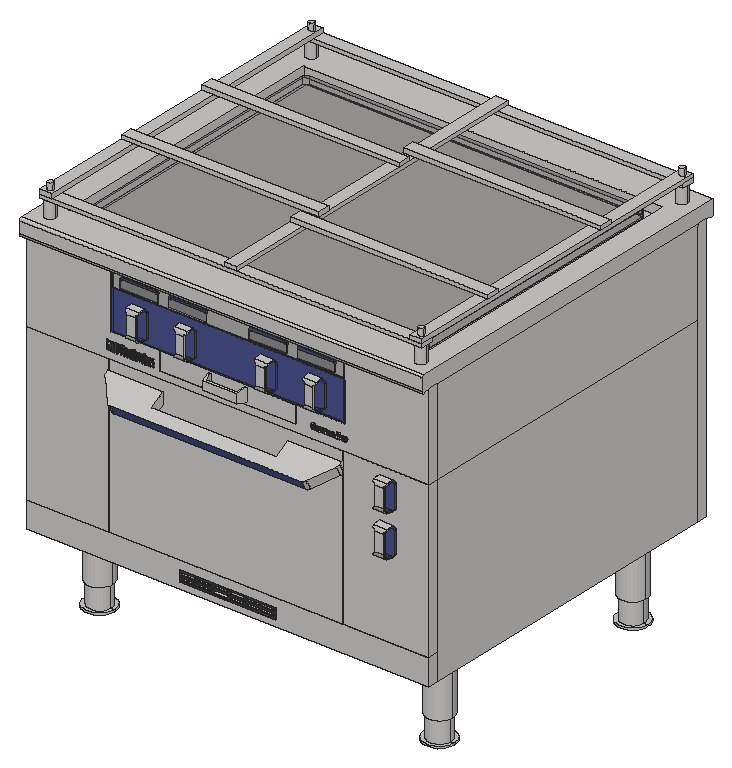
Revit family "QF_ELECTROLUXPROFESSIONAL_589894_MCTGEAJ8DM", category Attrezzature speciali, Revit 2021 (continued)
Definition of nested family "Front_Panel_W1000_Four Knobs_Marine"
  Definition of nested family "ELX_ThermaLine_Small"
    Forms (mm)
      Extrusion 2, solid
        sketch origin (0, 0, 0) x (1, 0, 0) y (0, 1, 0)
          loop
            arc (-29.33, 1.367) -> (-28.695, 0.768) -> (-28.461, -0.073) r 1.627
            line (-28.461, -0.073) -> (-28.461, -5.848) -> (-26.086, -5.848) -> (-26.064, -0.46)
            arc (-26.064, -0.46) -> (-26.261, 0.932) -> (-26.786, 2.237) r 5.825
            arc (-26.786, 2.237) -> (-29.381, 3.264) -> (-31.854, 1.971) r 3.353
            line (-31.854, 1.971) -> (-31.854, 6.539) -> (-34.242, 6.539)
          loop
            arc (-18.398, -0.598) -> (-18.893, 0.879) -> (-20.326, 1.487) r 1.897
            arc (-20.326, 1.487) -> (-21.461, 0.708) -> (-21.897, -0.598) r 2.164
            line (-21.897, -0.598) -> (-18.398, -0.598)
          loop
            arc (-16.021, -2.044) -> (-16.754, 1.227) -> (-19.444, 3.226) r 4.814
            arc (-19.444, 3.226) -> (-22.137, 2.788) -> (-23.943, 0.743) r 4.054
            arc (-23.943, 0.743) -> (-24.382, -1.249) -> (-24.162, -3.276) r 6.289
            arc (-24.162, -3.276) -> (-23.302, -4.71) -> (-21.958, -5.705) r 4.28
            arc (-21.958, -5.705) -> (-18.558, -5.814) -> (-16.152, -3.409) r 4.28
            line (-16.152, -3.409) -> (-18.5, -2.995)
            arc (-18.5, -2.995) -> (-19.273, -3.994) -> (-20.533, -4.076) r 1.536
            arc (-20.533, -4.076) -> (-21.56, -3.281) -> (-21.958, -2.044) r 2.197
            line (-21.958, -2.044) -> (-16.021, -2.044)
          loop
            line (-14.165, -5.848) -> (-11.819, -5.848) -> (-11.819, -2.138)
            arc (-11.819, -2.138) -> (-11.787, -1.156) -> (-11.637, -0.185) r 8.18
            arc (-11.637, -0.185) -> (-10.644, 0.972) -> (-9.132, 0.776) r 1.603
            line (-9.132, 0.776) -> (-8.419, 2.846)
            arc (-8.419, 2.846) -> (-10.432, 3.118) -> (-11.994, 1.821) r 2.527
            line (-11.994, 1.821) -> (-11.994, 3.094) -> (-14.165, 3.094) -> (-14.165, -5.848)
          loop
            line (-7.579, 3.094) -> (-7.579, -5.848) -> (-5.178, -5.848) -> (-5.178, -0.756)
            arc (-5.178, -0.756) -> (-4.727, 0.679) -> (-3.417, 1.419) r 2.05
            arc (-3.417, 1.419) -> (-2.499, 0.908) -> (-2.155, -0.085) r 1.471
            line (-2.155, -0.085) -> (-2.155, -5.848) -> (0.23, -5.848) -> (0.23, -1.001)
            arc (0.23, -1.001) -> (0.47, 0.127) -> (1.148, 1.061) r 2.775
            arc (1.148, 1.061) -> (2.225, 1.329) -> (3.05, 0.587) r 1.182
            arc (3.05, 0.587) -> (3.199, -0.019) -> (3.214, -0.642) r 2.894
            line (3.214, -0.642) -> (3.214, -5.848) -> (5.601, -5.848) -> (5.601, 0.261)
            arc (5.601, 0.261) -> (4.87, 2.263) -> (2.976, 3.241) r 2.932
            arc (2.976, 3.241) -> (1.284, 2.973) -> (-0.047, 1.896) r 3.309
            arc (-0.047, 1.896) -> (-1.116, 2.865) -> (-2.506, 3.258) r 3.16
            arc (-2.506, 3.258) -> (-4.105, 2.942) -> (-5.376, 1.92) r 3.419
            line (-5.376, 1.92) -> (-5.376, 3.094) -> (-7.579, 3.094)
          loop
            line (7.583, 0.738) -> (9.702, 0.364)
            arc (9.702, 0.364) -> (11.441, 1.492) -> (12.855, -0.023) r 1.613
            line (12.855, -0.023) -> (9.782, -0.789)
            arc (9.782, -0.789) -> (8.559, -1.346) -> (7.617, -2.305) r 3.687
            arc (7.617, -2.305) -> (7.499, -3.681) -> (7.901, -5.003) r 3.651
            arc (7.901, -5.003) -> (9.107, -5.766) -> (10.515, -6.006) r 3.635
            arc (10.515, -6.006) -> (11.898, -5.697) -> (13.067, -4.895) r 3.734
            line (13.067, -4.895) -> (13.376, -5.848) -> (15.75, -5.848) -> (15.212, -4.193) -> (15.212, 0.38)
            arc (15.212, 0.38) -> (14.897, 1.849) -> (13.818, 2.895) r 2.585
            arc (13.818, 2.895) -> (11.792, 3.442) -> (9.719, 3.11) r 5.005
            arc (9.719, 3.11) -> (8.369, 2.178) -> (7.583, 0.738) r 3.54
          loop
            line (19.723, -5.848) -> (22.233, -5.848) -> (24.854, 6.484) -> (22.345, 6.484) -> (19.723, -5.848)
          loop
            line (24.583, -5.848) -> (26.953, -5.848) -> (28.848, 3.066) -> (26.478, 3.066) -> (24.583, -5.848)
          loop
            line (27.204, 6.484) -> (26.741, 4.305) -> (29.111, 4.305) -> (29.575, 6.484) -> (27.204, 6.484)
          loop
            line (29.355, -5.848) -> (31.849, -5.848) -> (33.098, 0.028)
            arc (33.098, 0.028) -> (34.169, 1.306) -> (35.832, 1.422) r 2.132
            arc (35.832, 1.422) -> (36.324, 0.752) -> (36.383, -0.078) r 1.5
            line (36.383, -0.078) -> (35.157, -5.848) -> (37.536, -5.848) -> (38.936, 0.738)
            arc (38.936, 0.738) -> (38.775, 2.091) -> (37.825, 3.066) r 2.118
            arc (37.825, 3.066) -> (35.392, 3.175) -> (33.295, 1.937) r 4.271
            line (33.295, 1.937) -> (33.535, 3.066) -> (31.25, 3.066) -> (29.355, -5.848)
          loop
            line (42.792, -0.64) -> (46.589, -0.64)
            arc (46.589, -0.64) -> (46.639, 0.124) -> (46.327, 0.823) r 1.589
            arc (46.327, 0.823) -> (45.117, 1.521) -> (43.762, 1.183) r 1.865
            arc (43.762, 1.183) -> (43.141, 0.344) -> (42.792, -0.64) r 3.538
          loop
            line (42.565, -2.138) -> (48.593, -2.138)
            arc (48.593, -2.138) -> (48.58, 0.597) -> (46.983, 2.818) r 4.494
            arc (46.983, 2.818) -> (44.191, 3.28) -> (41.725, 1.891) r 4.26
            arc (41.725, 1.891) -> (40.503, -0.3) -> (40.284, -2.799) r 6.003
            arc (40.284, -2.799) -> (40.959, -4.468) -> (42.377, -5.576) r 3.482
            arc (42.377, -5.576) -> (44.265, -5.961) -> (46.152, -5.576) r 4.823
            arc (46.152, -5.576) -> (47.432, -4.731) -> (48.328, -3.485) r 4.245
            line (48.328, -3.485) -> (46.168, -3.105)
            arc (46.168, -3.105) -> (45.214, -4.072) -> (43.859, -4.181) r 1.953
            arc (43.859, -4.181) -> (42.821, -3.408) -> (42.565, -2.138) r 1.81
          loop
            line (12.868, -1.553) -> (10.216, -2.214)
            arc (10.216, -2.214) -> (9.747, -3.136) -> (10.216, -4.058) r 1.14
            arc (10.216, -4.058) -> (11.537, -4.249) -> (12.614, -3.46) r 1.763
            arc (12.614, -3.46) -> (12.858, -2.522) -> (12.868, -1.553) r 3.97
        from 0 to 1.6
    Dimensions and locks
      aligned and locked: plane 2 to Extrusion 1
      aligned and locked: level to Extrusion 1
  Definition of nested family "ELX_Professional_Logo_Small"
    Parameters
      Show Logo [instance] = yes
      Material_Logo [instance] = none
      Default Elevation = 0 mm
    Reference planes
      plane 1 "Centro (Fronte/Retro)": y = 0
      plane 2: z = 0
      plane 3 "Centro (Sinistra/Destra)": x = 0
    Forms (mm)
      Extrusion 1, solid
        sketch origin (0, 0, 0) x (1, 0, 0) y (0, 1, 0)
          loop
            line (-1219.2, 1219.2) -> (-1219.2, -1219.2) -> (1219.2, -1219.2) -> (1219.2, 1219.2) -> (-1219.2, 1219.2)
        from 0 to -304.8
      Extrusion 2, solid, material <- "Material_Logo"
        sketch origin (15.5, 0, 0) x (1, 0, 0) y (0, 1, 0)
          loop
            spline (-42.99, -1.24) -> (-43.195, -1.231) -> (-43.415, -1.203) -> (-43.642, -1.152) -> (-43.87, -1.074) -> (-44.095, -0.966) -> (-44.309, -0.825) -> (-44.506, -0.647) -> (-44.681, -0.429) -> (-44.828, -0.167) -> (-44.94, 0.142) -> (-45.011, 0.501) -> (-45.037, 0.915)
            line (-45.037, 0.915) -> (-45.037, 2.748) -> (-38.984, 2.748) -> (-38.984, 5.086) -> (-45.038, 5.086) -> (-45.038, 8.489) -> (-38.599, 8.489) -> (-38.599, 10.82) -> (-47.515, 10.82) -> (-47.515, 1.021)
            spline (-47.515, 1.021) -> (-47.493, 0.418) -> (-47.425, -0.15) -> (-47.311, -0.682) -> (-47.15, -1.175) -> (-46.939, -1.628) -> (-46.678, -2.038) -> (-46.365, -2.404) -> (-46, -2.723) -> (-45.58, -2.995) -> (-45.105, -3.216) -> (-44.573, -3.385) -> (-43.983, -3.499)
            line (-43.983, -3.499) -> (-43.01, -3.569) -> (-38.426, -3.569) -> (-38.426, -1.24) -> (-42.99, -1.24)
          loop
            line (-36.666, 4.021) -> (-36.666, -3.573) -> (-34.188, -3.573) -> (-34.188, 10.824) -> (-36.666, 10.824) -> (-36.666, 4.021)
          loop
            spline (-21.915, 1.897) -> (-21.957, 2.615) -> (-22.082, 3.303) -> (-22.285, 3.955) -> (-22.563, 4.564) -> (-22.913, 5.124) -> (-23.331, 5.629) -> (-23.814, 6.074) -> (-24.359, 6.451) -> (-24.961, 6.755) -> (-25.618, 6.98) -> (-26.326, 7.119) -> (-27.081, 7.167)
            spline (-27.081, 7.167) -> (-27.853, 7.122) -> (-28.586, 6.99) -> (-29.275, 6.774) -> (-29.915, 6.478) -> (-30.5, 6.104) -> (-31.024, 5.657) -> (-31.483, 5.138) -> (-31.871, 4.553) -> (-32.182, 3.904) -> (-32.411, 3.194) -> (-32.552, 2.427) -> (-32.6, 1.606)
            spline (-32.6, 1.606) -> (-32.553, 0.805) -> (-32.416, 0.057) -> (-32.193, -0.637) -> (-31.887, -1.271) -> (-31.504, -1.843) -> (-31.048, -2.35) -> (-30.523, -2.788) -> (-29.934, -3.154) -> (-29.284, -3.444) -> (-28.579, -3.656) -> (-27.822, -3.785) -> (-27.019, -3.829)
            spline (-27.019, -3.829) -> (-26.627, -3.82) -> (-26.239, -3.79) -> (-25.856, -3.739) -> (-25.477, -3.663) -> (-25.103, -3.562) -> (-24.734, -3.432) -> (-24.369, -3.273) -> (-24.01, -3.082) -> (-23.655, -2.858) -> (-23.305, -2.597) -> (-22.96, -2.299) -> (-22.621, -1.962)
            line (-22.621, -1.962) -> (-24.114, -0.509)
            spline (-24.114, -0.509) -> (-24.311, -0.699) -> (-24.509, -0.872) -> (-24.71, -1.03) -> (-24.915, -1.172) -> (-25.126, -1.297) -> (-25.346, -1.407) -> (-25.576, -1.5) -> (-25.817, -1.576) -> (-26.072, -1.636) -> (-26.342, -1.678) -> (-26.629, -1.704) -> (-26.936, -1.713)
            spline (-26.936, -1.713) -> (-27.384, -1.691) -> (-27.805, -1.625) -> (-28.196, -1.518) -> (-28.556, -1.372) -> (-28.882, -1.187) -> (-29.174, -0.966) -> (-29.429, -0.71) -> (-29.645, -0.422) -> (-29.821, -0.102) -> (-29.955, 0.247) -> (-30.045, 0.623) -> (-30.089, 1.026)
            line (-30.089, 1.026) -> (-21.956, 1.026) -> (-21.915, 1.897)
          loop
            spline (-24.446, 2.769) -> (-24.47, 3.075) -> (-24.54, 3.37) -> (-24.654, 3.65) -> (-24.807, 3.913) -> (-24.996, 4.156) -> (-25.219, 4.376) -> (-25.472, 4.57) -> (-25.753, 4.736) -> (-26.057, 4.869) -> (-26.382, 4.968) -> (-26.724, 5.03) -> (-27.081, 5.051)
            spline (-27.081, 5.051) -> (-27.464, 5.03) -> (-27.832, 4.97) -> (-28.183, 4.872) -> (-28.513, 4.74) -> (-28.819, 4.577) -> (-29.099, 4.384) -> (-29.347, 4.165) -> (-29.563, 3.923) -> (-29.742, 3.659) -> (-29.881, 3.377) -> (-29.977, 3.079) -> (-30.027, 2.769)
            line (-30.027, 2.769) -> (-24.446, 2.769)
          loop
            spline (-18.167, 1.669) -> (-18.138, 2.13) -> (-18.055, 2.567) -> (-17.921, 2.978) -> (-17.739, 3.358) -> (-17.512, 3.705) -> (-17.243, 4.016) -> (-16.937, 4.287) -> (-16.596, 4.517) -> (-16.223, 4.7) -> (-15.823, 4.835) -> (-15.398, 4.919) -> (-14.951, 4.947)
            spline (-14.951, 4.947) -> (-14.677, 4.938) -> (-14.414, 4.913) -> (-14.162, 4.871) -> (-13.921, 4.812) -> (-13.69, 4.738) -> (-13.467, 4.649) -> (-13.254, 4.544) -> (-13.048, 4.424) -> (-12.85, 4.291) -> (-12.659, 4.143) -> (-12.474, 3.981) -> (-12.295, 3.806)
            line (-12.295, 3.806) -> (-10.76, 5.403)
            spline (-10.76, 5.403) -> (-11.065, 5.709) -> (-11.38, 5.984) -> (-11.703, 6.228) -> (-12.035, 6.443) -> (-12.375, 6.63) -> (-12.723, 6.788) -> (-13.078, 6.92) -> (-13.44, 7.026) -> (-13.809, 7.107) -> (-14.184, 7.164) -> (-14.564, 7.198) -> (-14.951, 7.209)
            spline (-14.951, 7.209) -> (-15.725, 7.161) -> (-16.467, 7.02) -> (-17.169, 6.792) -> (-17.826, 6.482) -> (-18.43, 6.096) -> (-18.976, 5.637) -> (-19.455, 5.112) -> (-19.862, 4.525) -> (-20.19, 3.882) -> (-20.433, 3.189) -> (-20.584, 2.449) -> (-20.635, 1.669)
            spline (-20.635, 1.669) -> (-20.584, 0.889) -> (-20.433, 0.149) -> (-20.19, -0.545) -> (-19.862, -1.187) -> (-19.455, -1.774) -> (-18.976, -2.299) -> (-18.43, -2.758) -> (-17.826, -3.145) -> (-17.169, -3.454) -> (-16.467, -3.682) -> (-15.725, -3.823) -> (-14.951, -3.871)
            spline (-14.951, -3.871) -> (-14.564, -3.86) -> (-14.184, -3.826) -> (-13.809, -3.77) -> (-13.44, -3.689) -> (-13.078, -3.583) -> (-12.723, -3.451) -> (-12.375, -3.292) -> (-12.035, -3.105) -> (-11.703, -2.89) -> (-11.38, -2.646) -> (-11.065, -2.371) -> (-10.76, -2.066)
            line (-10.76, -2.066) -> (-12.295, -0.468)
            spline (-12.295, -0.468) -> (-12.474, -0.643) -> (-12.659, -0.805) -> (-12.85, -0.953) -> (-13.048, -1.087) -> (-13.254, -1.206) -> (-13.467, -1.311) -> (-13.69, -1.4) -> (-13.921, -1.475) -> (-14.162, -1.533) -> (-14.414, -1.575) -> (-14.677, -1.6) -> (-14.951, -1.609)
            spline (-14.951, -1.609) -> (-15.398, -1.581) -> (-15.823, -1.497) -> (-16.223, -1.362) -> (-16.596, -1.179) -> (-16.937, -0.95) -> (-17.243, -0.678) -> (-17.512, -0.367) -> (-17.739, -0.02) -> (-17.921, 0.36) -> (-18.055, 0.771) -> (-18.138, 1.208) -> (-18.167, 1.669)
          loop
            spline (-4.441, -1.243) -> (-4.659, -1.247) -> (-4.894, -1.23) -> (-5.137, -1.19) -> (-5.384, -1.121) -> (-5.628, -1.021) -> (-5.864, -0.884) -> (-6.084, -0.708) -> (-6.283, -0.488) -> (-6.454, -0.219) -> (-6.592, 0.101) -> (-6.69, 0.478) -> (-6.742, 0.914)
            line (-6.742, 0.914) -> (-6.742, 4.587) -> (-4.487, 4.587) -> (-4.487, 6.838) -> (-6.738, 6.838) -> (-6.738, 10.824) -> (-9.217, 10.824) -> (-9.217, 0.773)
            spline (-9.217, 0.773) -> (-9.164, 0.19) -> (-9.068, -0.358) -> (-8.928, -0.87) -> (-8.742, -1.343) -> (-8.511, -1.777) -> (-8.232, -2.168) -> (-7.904, -2.515) -> (-7.527, -2.816) -> (-7.098, -3.069) -> (-6.618, -3.273) -> (-6.084, -3.426) -> (-5.496, -3.525)
            line (-5.496, -3.525) -> (-4.45, -3.573) -> (-4.441, -1.243)
          loop
            spline (3.898, 6.983) -> (3.469, 7.009) -> (3.056, 7.001) -> (2.661, 6.961) -> (2.283, 6.888) -> (1.925, 6.785) -> (1.588, 6.652) -> (1.272, 6.49) -> (0.979, 6.301) -> (0.71, 6.085) -> (0.465, 5.844) -> (0.247, 5.578) -> (0.056, 5.289)
            line (0.056, 5.289) -> (0.056, 6.838) -> (-2.402, 6.838) -> (-2.402, -3.572) -> (0.056, -3.572) -> (0.056, 1.901)
            spline (0.056, 1.901) -> (0.079, 2.316) -> (0.145, 2.703) -> (0.254, 3.06) -> (0.404, 3.386) -> (0.592, 3.679) -> (0.818, 3.938) -> (1.08, 4.162) -> (1.375, 4.348) -> (1.703, 4.495) -> (2.062, 4.602) -> (2.45, 4.668) -> (2.865, 4.69)
            line (2.865, 4.69) -> (3.898, 4.586) -> (3.898, 6.983)
          loop
            spline (15.638, 1.633) -> (15.586, 2.396) -> (15.435, 3.124) -> (15.192, 3.81) -> (14.863, 4.449) -> (14.455, 5.034) -> (13.975, 5.56) -> (13.43, 6.021) -> (12.826, 6.411) -> (12.17, 6.724) -> (11.469, 6.955) -> (10.729, 7.098) -> (9.958, 7.147)
            spline (9.958, 7.147) -> (9.182, 7.098) -> (8.44, 6.955) -> (7.737, 6.724) -> (7.081, 6.411) -> (6.477, 6.021) -> (5.933, 5.56) -> (5.454, 5.034) -> (5.048, 4.449) -> (4.721, 3.81) -> (4.479, 3.124) -> (4.329, 2.396) -> (4.277, 1.633)
            spline (4.277, 1.633) -> (4.329, 0.869) -> (4.479, 0.141) -> (4.721, -0.544) -> (5.048, -1.183) -> (5.454, -1.768) -> (5.933, -2.294) -> (6.477, -2.755) -> (7.081, -3.145) -> (7.737, -3.459) -> (8.44, -3.69) -> (9.182, -3.833) -> (9.958, -3.882)
            spline (9.958, -3.882) -> (10.729, -3.833) -> (11.469, -3.69) -> (12.17, -3.459) -> (12.826, -3.145) -> (13.43, -2.755) -> (13.975, -2.294) -> (14.455, -1.768) -> (14.863, -1.183) -> (15.192, -0.544) -> (15.435, 0.141) -> (15.586, 0.869) -> (15.638, 1.633)
          loop
            spline (13.18, 1.633) -> (13.151, 2.083) -> (13.067, 2.513) -> (12.932, 2.918) -> (12.748, 3.296) -> (12.52, 3.642) -> (12.251, 3.954) -> (11.943, 4.227) -> (11.601, 4.459) -> (11.228, 4.645) -> (10.828, 4.782) -> (10.403, 4.867) -> (9.958, 4.896)
            spline (9.958, 4.896) -> (9.509, 4.867) -> (9.081, 4.782) -> (8.679, 4.645) -> (8.306, 4.459) -> (7.964, 4.227) -> (7.658, 3.954) -> (7.39, 3.642) -> (7.163, 3.296) -> (6.981, 2.918) -> (6.847, 2.513) -> (6.765, 2.083) -> (6.736, 1.633)
            spline (6.736, 1.633) -> (6.765, 1.182) -> (6.847, 0.753) -> (6.981, 0.347) -> (7.163, -0.031) -> (7.39, -0.377) -> (7.658, -0.689) -> (7.964, -0.962) -> (8.306, -1.193) -> (8.679, -1.38) -> (9.081, -1.517) -> (9.509, -1.602) -> (9.958, -1.631)
            spline (9.958, -1.631) -> (10.403, -1.602) -> (10.828, -1.517) -> (11.228, -1.38) -> (11.601, -1.193) -> (11.943, -0.962) -> (12.251, -0.689) -> (12.52, -0.377) -> (12.748, -0.031) -> (12.932, 0.347) -> (13.067, 0.753) -> (13.151, 1.182) -> (13.18, 1.633)
          loop
            line (17.162, 4.269) -> (17.162, -3.573) -> (19.642, -3.573) -> (19.642, 10.824) -> (17.162, 10.824) -> (17.162, 4.269)
          loop
            line (28.581, 6.838) -> (28.581, 0.786)
            spline (28.581, 0.786) -> (28.561, 0.393) -> (28.503, 0.038) -> (28.409, -0.279) -> (28.281, -0.559) -> (28.122, -0.802) -> (27.933, -1.011) -> (27.717, -1.185) -> (27.476, -1.325) -> (27.213, -1.433) -> (26.929, -1.509) -> (26.626, -1.554) -> (26.308, -1.569)
            spline (26.308, -1.569) -> (25.99, -1.554) -> (25.688, -1.509) -> (25.404, -1.434) -> (25.141, -1.326) -> (24.9, -1.187) -> (24.684, -1.014) -> (24.496, -0.807) -> (24.336, -0.565) -> (24.209, -0.288) -> (24.115, 0.026) -> (24.057, 0.376) -> (24.037, 0.765)
            line (24.037, 0.765) -> (24.037, 6.838) -> (21.537, 6.838) -> (21.537, 0.558)
            spline (21.537, 0.558) -> (21.581, -0.153) -> (21.71, -0.8) -> (21.916, -1.384) -> (22.195, -1.904) -> (22.54, -2.362) -> (22.944, -2.757) -> (23.403, -3.09) -> (23.909, -3.362) -> (24.456, -3.572) -> (25.04, -3.722) -> (25.652, -3.811) -> (26.288, -3.841)
            spline (26.288, -3.841) -> (26.929, -3.811) -> (27.547, -3.72) -> (28.135, -3.568) -> (28.687, -3.355) -> (29.197, -3.079) -> (29.66, -2.741) -> (30.068, -2.341) -> (30.415, -1.877) -> (30.696, -1.349) -> (30.905, -0.757) -> (31.034, -0.101) -> (31.079, 0.621)
            line (31.079, 0.621) -> (31.079, 6.838) -> (28.581, 6.838)
          loop
            line (40.457, -0.243) -> (38.894, 1.942) -> (40.83, 4.579) -> (42.488, 6.837) -> (39.782, 6.837) -> (37.53, 3.719) -> (35.258, 6.837) -> (32.573, 6.837) -> (34.113, 4.731) -> (36.167, 1.922) -> (34.014, -1.076) -> (32.222, -3.573) -> (34.887, -3.573) -> (37.53, 0.104) -> (40.174, -3.573) -> (42.839, -3.573) -> (40.457, -0.243)
          loop
            line (-46.121, -5.837) -> (-48.039, -5.837) -> (-48.039, -10.814) -> (-47.016, -10.814) -> (-47.016, -9.128) -> (-46.121, -9.128)
            arc (-46.121, -9.128) -> (-44.476, -7.482) -> (-46.121, -5.837) r 1.645
          loop
            line (-46.163, -6.778) -> (-47.016, -6.778) -> (-47.016, -8.187) -> (-46.163, -8.187)
            arc (-46.163, -8.187) -> (-45.458, -7.482) -> (-46.163, -6.778) r 0.704
          loop
            line (-38.313, -5.837) -> (-40.265, -5.837) -> (-40.265, -10.814) -> (-39.241, -10.814) -> (-39.241, -9.1) -> (-38.46, -9.182) -> (-37.48, -10.814) -> (-36.318, -10.814) -> (-37.513, -8.848)
            arc (-37.513, -8.848) -> (-36.888, -8.266) -> (-36.671, -7.441) r 1.536
            arc (-36.671, -7.441) -> (-37.165, -6.305) -> (-38.313, -5.837) r 1.643
          loop
            arc (-38.402, -8.166) -> (-37.707, -7.505) -> (-38.334, -6.778) r 0.696
            line (-38.334, -6.778) -> (-39.241, -6.778) -> (-39.241, -8.166) -> (-38.402, -8.166)
          loop
            circle (-29.965, -8.325) r 2.585
          loop
            circle (-29.965, -8.325) r 1.64
          loop
            line (-23.1, -5.837) -> (-23.1, -10.814) -> (-22.076, -10.814) -> (-22.076, -8.768) -> (-20.204, -8.768) -> (-20.204, -7.828) -> (-22.076, -7.828) -> (-22.076, -6.778) -> (-20.024, -6.778) -> (-20.024, -5.837) -> (-23.1, -5.837)
          loop
            line (-15.802, -5.837) -> (-15.802, -9.2)
            arc (-15.802, -9.2) -> (-15.343, -10.34) -> (-14.209, -10.814) r 1.593
            line (-14.209, -10.814) -> (-12.602, -10.814) -> (-12.602, -10.027) -> (-14.004, -10.027)
            arc (-14.004, -10.027) -> (-14.552, -9.8) -> (-14.779, -9.252) r 0.775
            line (-14.779, -9.252) -> (-14.779, -8.424) -> (-12.789, -8.424) -> (-12.789, -7.642) -> (-14.779, -7.642) -> (-14.779, -6.778) -> (-12.651, -6.778) -> (-12.651, -5.837) -> (-15.802, -5.837)
          loop
            line (-5.909, -7.143) -> (-5.173, -6.638)
            arc (-5.173, -6.638) -> (-5.855, -5.974) -> (-6.781, -5.755) r 1.782
            arc (-6.781, -5.755) -> (-7.397, -5.878) -> (-7.944, -6.189) r 1.974
            arc (-7.944, -6.189) -> (-8.202, -6.5) -> (-8.317, -6.888) r 1.013
            arc (-8.317, -6.888) -> (-8.306, -7.341) -> (-8.192, -7.78) r 1.985
            arc (-8.192, -7.78) -> (-7.749, -8.259) -> (-7.171, -8.563) r 1.928
            arc (-7.171, -8.563) -> (-6.637, -8.779) -> (-6.131, -9.056) r 5.041
            arc (-6.131, -9.056) -> (-5.934, -9.387) -> (-6.09, -9.74) r 0.42
            arc (-6.09, -9.74) -> (-6.631, -9.96) -> (-7.204, -9.845) r 1.016
            arc (-7.204, -9.845) -> (-7.625, -9.603) -> (-7.889, -9.196) r 1.033
            line (-7.889, -9.196) -> (-8.67, -9.686)
            arc (-8.67, -9.686) -> (-8.361, -10.198) -> (-7.908, -10.589) r 1.914
            arc (-7.908, -10.589) -> (-7.334, -10.834) -> (-6.714, -10.896) r 2.063
            arc (-6.714, -10.896) -> (-5.947, -10.743) -> (-5.256, -10.376) r 2.696
            arc (-5.256, -10.376) -> (-4.95, -9.565) -> (-5.108, -8.712) r 1.618
            arc (-5.108, -8.712) -> (-5.448, -8.319) -> (-5.884, -8.035) r 1.876
            arc (-5.884, -8.035) -> (-6.434, -7.789) -> (-6.999, -7.577) r 9.883
            arc (-6.999, -7.577) -> (-7.325, -7.07) -> (-6.854, -6.694) r 0.45
            arc (-6.854, -6.694) -> (-6.329, -6.809) -> (-5.909, -7.143) r 1.197
          loop
            line (1.61, -7.143) -> (2.345, -6.638)
            arc (2.345, -6.638) -> (1.663, -5.974) -> (0.737, -5.755) r 1.782
            arc (0.737, -5.755) -> (0.121, -5.878) -> (-0.425, -6.189) r 1.974
            arc (-0.425, -6.189) -> (-0.683, -6.5) -> (-0.799, -6.888) r 1.013
            arc (-0.799, -6.888) -> (-0.788, -7.341) -> (-0.674, -7.78) r 1.985
            arc (-0.674, -7.78) -> (-0.231, -8.259) -> (0.347, -8.563) r 1.928
            arc (0.347, -8.563) -> (0.881, -8.779) -> (1.387, -9.056) r 5.041
            arc (1.387, -9.056) -> (1.584, -9.387) -> (1.428, -9.74) r 0.42
            arc (1.428, -9.74) -> (0.887, -9.96) -> (0.314, -9.845) r 1.016
            arc (0.314, -9.845) -> (-0.107, -9.603) -> (-0.371, -9.196) r 1.033
            line (-0.371, -9.196) -> (-1.152, -9.686)
            arc (-1.152, -9.686) -> (-0.842, -10.198) -> (-0.39, -10.589) r 1.914
            arc (-0.39, -10.589) -> (0.184, -10.834) -> (0.804, -10.896) r 2.063
            arc (0.804, -10.896) -> (1.572, -10.743) -> (2.263, -10.376) r 2.696
            arc (2.263, -10.376) -> (2.568, -9.565) -> (2.411, -8.712) r 1.618
            arc (2.411, -8.712) -> (2.07, -8.319) -> (1.635, -8.035) r 1.876
            arc (1.635, -8.035) -> (1.084, -7.789) -> (0.519, -7.577) r 9.883
            arc (0.519, -7.577) -> (0.193, -7.07) -> (0.665, -6.694) r 0.45
            arc (0.665, -6.694) -> (1.189, -6.809) -> (1.61, -7.143) r 1.197
          loop
            line (6.801, -5.837) -> (6.801, -10.814) -> (7.825, -10.814) -> (7.825, -5.837) -> (6.801, -5.837)
          loop
            circle (14.724, -8.325) r 1.548
          loop
            circle (14.724, -8.325) r 2.585
          loop
            line (21.59, -10.814) -> (22.623, -10.814) -> (22.623, -7.685) -> (24.9, -10.814) -> (25.895, -10.814) -> (25.895, -5.837) -> (24.861, -5.837) -> (24.861, -9.061) -> (22.585, -5.837) -> (21.59, -5.837) -> (21.59, -10.814)
          loop
            line (31.054, -10.814) -> (31.539, -9.74) -> (33.38, -9.74) -> (33.865, -10.814) -> (34.965, -10.814) -> (32.46, -5.837) -> (29.956, -10.814) -> (31.054, -10.814)
          loop
            line (32.46, -7.698) -> (31.999, -8.719) -> (32.921, -8.719) -> (32.46, -7.698)
          loop
            line (40.047, -9.873) -> (40.047, -5.837) -> (39.024, -5.837) -> (39.024, -10.814) -> (41.961, -10.814) -> (41.961, -9.873) -> (40.047, -9.873)
          loop
            line (-74.986, -10.814) -> (-53.322, -10.814) -> (-53.322, 10.82) -> (-74.986, 10.82) -> (-74.986, -10.814)
          loop
            line (-61.261, 9.758) -> (-61.261, -9.707)
            arc (-61.261, -9.707) -> (-54.066, 0.025) -> (-61.261, 9.758) r 10.18
          loop
            line (-62.251, 8.349) -> (-62.251, 9.758)
            arc (-62.251, 9.758) -> (-70.347, 7.918) -> (-74.247, 0.59) r 9.976
            line (-74.247, 0.59) -> (-71.026, 0.59)
            arc (-71.026, 0.59) -> (-65.274, 2.925) -> (-62.251, 8.349) r 9.351
          loop
            arc (-74.247, -0.539) -> (-70.353, -7.928) -> (-62.251, -9.957) r 10.237
            line (-62.251, -9.957) -> (-62.251, -8.298)
            arc (-62.251, -8.298) -> (-65.274, -2.874) -> (-71.026, -0.539) r 9.351
            line (-71.026, -0.539) -> (-74.247, -0.539)
        from 0 to 1.644
    Dimensions and locks
      aligned and locked: plane 2 to Extrusion 1
      aligned and locked: level to Extrusion 1
Definition of nested family "FEET200_MARINE"
  Parameters (values of type "FEET200_MARINE")
    Default Elevation = 0 mm
    FEET = 200 mm
  Reference planes
    plane 1 "Center (Front/Back)": y = 0
    plane 2: z = 0
    plane 3 "Center (Left/Right)": x = 0
    plane 4: z = 200
  Forms (mm)
    Revolve 1, solid
      sketch origin (0, 0, 0) x (1, 0, 0) y (0, 0, 1)
        loop
          line (0, 200) -> (-38, 200) -> (-38, 196) -> (-33, 196) -> (-33, 59) -> (-28, 59) -> (-28, 4) -> (-38, 4) -> (-38, 0) -> (0, 0) -> (0, 200)
        axis (0, 0) -> (0, 200)
      angle from 0 to 360
  Lines and regions (mm)
    symbolic lines
      curve 1: line (0, -1.503, 0) -> (0, 1.508, 0)
      curve 2: line (1.561, 0, 0) -> (-1.439, 0, 0)
  Dimensions and locks
    "FEET": plane 4 to plane 2
    aligned and locked: level to plane 2
  Automatic sketch dimensions
    plane 1 "Center (Front/Back)" to curve 2 = 0 mm
    curve 1 to plane 3 "Center (Left/Right)" = 0 mm
    curve 2 to plane 3 "Center (Left/Right)" = 1.439 mm
    plane 3 "Center (Left/Right)" to curve 2 = 1.561 mm
    plane 1 "Center (Front/Back)" to curve 1 = 1.503 mm
    curve 1 to plane 1 "Center (Front/Back)" = 1.508 mm
    Revolve 1 sketch curve to plane 4 = 0 mm
    Revolve 1 sketch curve to level = 0 mm  (x2)
    Revolve 1 sketch curve to plane 3 "Center (Left/Right)" = 0 mm  (x2)
    Revolve 1 sketch curve to plane 3 "Center (Left/Right)" = 28 mm
    Revolve 1 sketch curve to Revolve 1 sketch curve = 5 mm  (x2)
    level to Revolve 1 sketch curve = 4 mm
    Revolve 1 sketch curve to Revolve 1 sketch curve = 10 mm
    Revolve 1 sketch curve to Revolve 1 sketch curve = 55 mm
    plane 4 to Revolve 1 sketch curve = 40 mm
    Revolve 1 sketch curve to plane 4 = 4 mm
